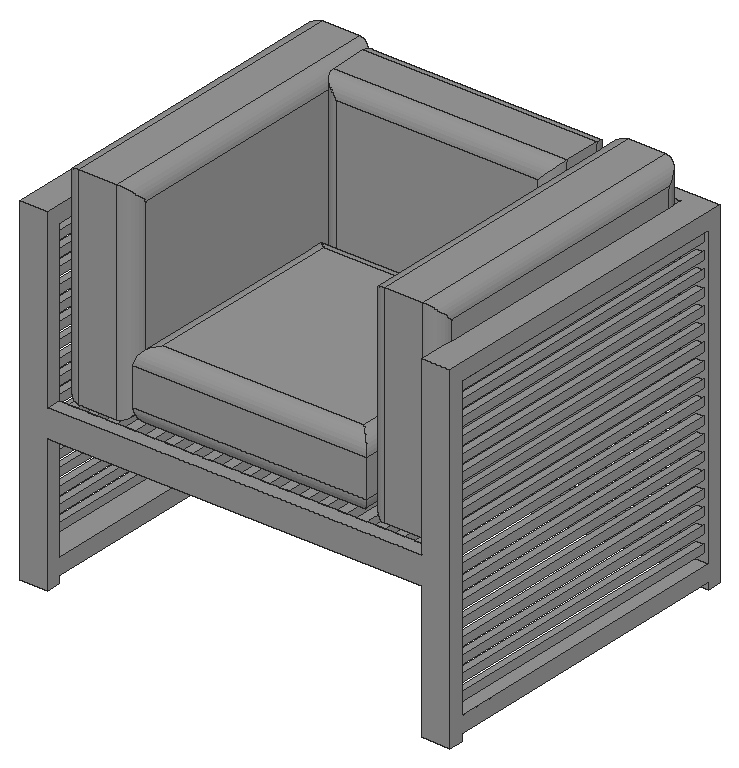
Revit family "17642 Кресло «Параллель» 2 Хоббика", category Антураж, Revit 2018
Family settings
  На основе рабочей плоскости = Нет
  Всегда вертикально = Да
  При загрузке вырезать с полостями = Нет
  Источник визуального образа = Геометрия семейства
  Общий = Нет
  Точка расчета площади = Нет
Parameters (values of type "Версия лиственница")
  Ширина = 720 mm  # constant formula
  Цвет подушек = Красный
  Цвет отделки = Ангарская сосна
  Цвет каркаса = Сталь
  Описание = if(Версия ангарская сосна, "Кресло «Параллель» 2. Версия ангарская сосна", "Кресло «Параллель» 2. Версия лиственница")  # "Кресло «Параллель» 2. Версия лиственница"
  Материал изделия = "Сталь, дерево"  # constant formula
  Изображение типоразмера = Кресло «Параллель» 2 Арт 17642.jpg
  Изготовитель = "ООО «Хоббика»"  # constant formula
  Длина = 920 mm  # constant formula
  Группа модели = "Мебель для дома и террас"  # constant formula
  Высота = 800 mm  # constant formula
  Версия лиственница = not(Версия ангарская сосна)  # yes
  Версия ангарская сосна = no
  Артикул товара = "Арт. 17642"  # constant formula
  URL = "https://hobbyka.ru/product/kreslo_parallel_2"
Types (3, lengths in mm): name | Описание | Версия лиственница | Версия ангарская сосна
  (no name) | "Кресло «Параллель» 2. Версия лиственница" | yes | no
  Версия ангарская сосна | "Кресло «Параллель» 2. Версия ангарская сосна" | no | yes
  Версия лиственница | "Кресло «Параллель» 2. Версия лиственница" | yes | no
Reference planes
  plane 1 "По центру (Вперед/Назад)": y = 0
  plane 2: z = 0
  plane 3 "По центру (Влево/Вправо)": x = 0
  plane 4: x = 920
  plane 5: y = 720
  plane 6: z = 800
Forms (mm)
  Extrusion 1, solid, material "Сталь" <- "Цвет каркаса"
    sketch origin (0, 0, 0) x (1, 0, 0) y (0, 1, 0)
      loop
        line (0, 720) -> (0, 690) -> (60, 690) -> (60, 720) -> (0, 720)
      loop
        line (0, 30) -> (0, 0) -> (60, 0) -> (60, 30) -> (0, 30)
      loop
        line (860, 720) -> (860, 690) -> (920, 690) -> (920, 720) -> (860, 720)
      loop
        line (860, 30) -> (860, 0) -> (920, 0) -> (920, 30) -> (860, 30)
    from 0 to 690
  Extrusion 2, solid, material "Сталь" <- "Цвет каркаса"
    sketch origin (0, 0, 0) x (1, 0, 0) y (0, 1, 0)
      loop
        line (0, 720) -> (0, 0) -> (60, 0) -> (60, 690) -> (860, 690) -> (860, 0) -> (920, 0) -> (920, 720) -> (0, 720)
    from 690 to 725
  Extrusion 3, solid, material "Сталь" <- "Цвет каркаса"
    sketch origin (0, 0, 0) x (1, 0, 0) y (0, 1, 0)
      loop
        line (0, 720) -> (0, 0) -> (60, 0) -> (60, 690) -> (860, 690) -> (860, 0) -> (920, 0) -> (920, 720) -> (0, 720)
    from 15 to 50
  Extrusion 4, solid, material "Сталь" <- "Цвет каркаса"
    sketch origin (0, 0, 0) x (0, 1, 0) y (0, 0, 1)
      loop
        line (30, 350) -> (0, 350) -> (0, 290) -> (30, 290) -> (30, 350)
    from 0 to 920
  Sweep 5, solid, material "Ангарская сосна" <- "Цвет отделки"
    path origin (0, 0, 0) x (1, 0, 0) y (0, 1, 0)
      loop
        line (10, 30) -> (10, 710) -> (910, 710) -> (910, 30)
    profile origin (10, 370, 0) x (-1, 0, 0) y (0, 0, 1)
      loop
        line (0, 67.5) -> (0, 85) -> (-15, 85) -> (-15, 67.5) -> (0, 67.5)
      loop
        line (0, 102.5) -> (0, 120) -> (-15, 120) -> (-15, 102.5) -> (0, 102.5)
      loop
        line (0, 137.5) -> (0, 155) -> (-15, 155) -> (-15, 137.5) -> (0, 137.5)
      loop
        line (0, 172.5) -> (0, 190) -> (-15, 190) -> (-15, 172.5) -> (0, 172.5)
      loop
        line (0, 207.5) -> (0, 225) -> (-15, 225) -> (-15, 207.5) -> (0, 207.5)
      loop
        line (0, 242.5) -> (0, 260) -> (-15, 260) -> (-15, 242.5) -> (0, 242.5)
      loop
        line (0, 277.5) -> (0, 295) -> (-15, 295) -> (-15, 277.5) -> (0, 277.5)
      loop
        line (0, 312.5) -> (0, 330) -> (-15, 330) -> (-15, 312.5) -> (0, 312.5)
      loop
        line (0, 347.5) -> (0, 365) -> (-15, 365) -> (-15, 347.5) -> (0, 347.5)
      loop
        line (0, 382.5) -> (0, 400) -> (-15, 400) -> (-15, 382.5) -> (0, 382.5)
      loop
        line (0, 417.5) -> (0, 435) -> (-15, 435) -> (-15, 417.5) -> (0, 417.5)
      loop
        line (0, 452.5) -> (0, 470) -> (-15, 470) -> (-15, 452.5) -> (0, 452.5)
      loop
        line (0, 487.5) -> (0, 505) -> (-15, 505) -> (-15, 487.5) -> (0, 487.5)
      loop
        line (0, 522.5) -> (0, 540) -> (-15, 540) -> (-15, 522.5) -> (0, 522.5)
      loop
        line (0, 557.5) -> (0, 575) -> (-15, 575) -> (-15, 557.5) -> (0, 557.5)
      loop
        line (0, 592.5) -> (0, 610) -> (-15, 610) -> (-15, 592.5) -> (0, 592.5)
      loop
        line (0, 627.5) -> (0, 645) -> (-15, 645) -> (-15, 627.5) -> (0, 627.5)
      loop
        line (0, 662.5) -> (0, 680) -> (-15, 680) -> (-15, 662.5) -> (0, 662.5)
  Extrusion 6, solid, material "Ангарская сосна" <- "Цвет отделки"
    sketch origin (0, 0, 0) x (1, 0, 0) y (0, 0, 1)
      loop
        line (80, 350) -> (80, 330) -> (100, 330) -> (100, 350) -> (80, 350)
    from -690 to -30
  Extrusion 7, solid, material "Ангарская сосна" <- "Цвет отделки"
    sketch origin (740, 0, 0) x (1, 0, 0) y (0, 0, 1)
      loop
        line (80, 350) -> (80, 330) -> (100, 330) -> (100, 350) -> (80, 350)
    from -690 to -30
  Extrusion 8, solid, material "Ангарская сосна" <- "Цвет отделки"
    sketch origin (41.111, 0, 0) x (1, 0, 0) y (0, 0, 1)
      loop
        line (80, 350) -> (80, 330) -> (100, 330) -> (100, 350) -> (80, 350)
    from -690 to -30
  Extrusion 9, solid, material "Ангарская сосна" <- "Цвет отделки"
    sketch origin (82.222, 0, 0) x (1, 0, 0) y (0, 0, 1)
      loop
        line (80, 350) -> (80, 330) -> (100, 330) -> (100, 350) -> (80, 350)
    from -690 to -30
  Extrusion 10, solid, material "Ангарская сосна" <- "Цвет отделки"
    sketch origin (123.333, 0, 0) x (1, 0, 0) y (0, 0, 1)
      loop
        line (80, 350) -> (80, 330) -> (100, 330) -> (100, 350) -> (80, 350)
    from -690 to -30
  Extrusion 11, solid, material "Ангарская сосна" <- "Цвет отделки"
    sketch origin (164.444, 0, 0) x (1, 0, 0) y (0, 0, 1)
      loop
        line (80, 350) -> (80, 330) -> (100, 330) -> (100, 350) -> (80, 350)
    from -690 to -30
  Extrusion 12, solid, material "Ангарская сосна" <- "Цвет отделки"
    sketch origin (205.556, 0, 0) x (1, 0, 0) y (0, 0, 1)
      loop
        line (80, 350) -> (80, 330) -> (100, 330) -> (100, 350) -> (80, 350)
    from -690 to -30
  Extrusion 13, solid, material "Ангарская сосна" <- "Цвет отделки"
    sketch origin (246.667, 0, 0) x (1, 0, 0) y (0, 0, 1)
      loop
        line (80, 350) -> (80, 330) -> (100, 330) -> (100, 350) -> (80, 350)
    from -690 to -30
  Extrusion 14, solid, material "Ангарская сосна" <- "Цвет отделки"
    sketch origin (287.778, 0, 0) x (1, 0, 0) y (0, 0, 1)
      loop
        line (80, 350) -> (80, 330) -> (100, 330) -> (100, 350) -> (80, 350)
    from -690 to -30
  Extrusion 15, solid, material "Ангарская сосна" <- "Цвет отделки"
    sketch origin (328.889, 0, 0) x (1, 0, 0) y (0, 0, 1)
      loop
        line (80, 350) -> (80, 330) -> (100, 330) -> (100, 350) -> (80, 350)
    from -690 to -30
  Extrusion 16, solid, material "Ангарская сосна" <- "Цвет отделки"
    sketch origin (370, 0, 0) x (1, 0, 0) y (0, 0, 1)
      loop
        line (80, 350) -> (80, 330) -> (100, 330) -> (100, 350) -> (80, 350)
    from -690 to -30
  Extrusion 17, solid, material "Ангарская сосна" <- "Цвет отделки"
    sketch origin (411.111, 0, 0) x (1, 0, 0) y (0, 0, 1)
      loop
        line (80, 350) -> (80, 330) -> (100, 330) -> (100, 350) -> (80, 350)
    from -690 to -30
  Extrusion 18, solid, material "Ангарская сосна" <- "Цвет отделки"
    sketch origin (452.222, 0, 0) x (1, 0, 0) y (0, 0, 1)
      loop
        line (80, 350) -> (80, 330) -> (100, 330) -> (100, 350) -> (80, 350)
    from -690 to -30
  Extrusion 19, solid, material "Ангарская сосна" <- "Цвет отделки"
    sketch origin (493.333, 0, 0) x (1, 0, 0) y (0, 0, 1)
      loop
        line (80, 350) -> (80, 330) -> (100, 330) -> (100, 350) -> (80, 350)
    from -690 to -30
  Extrusion 20, solid, material "Ангарская сосна" <- "Цвет отделки"
    sketch origin (534.444, 0, 0) x (1, 0, 0) y (0, 0, 1)
      loop
        line (80, 350) -> (80, 330) -> (100, 330) -> (100, 350) -> (80, 350)
    from -690 to -30
  Extrusion 21, solid, material "Ангарская сосна" <- "Цвет отделки"
    sketch origin (575.556, 0, 0) x (1, 0, 0) y (0, 0, 1)
      loop
        line (80, 350) -> (80, 330) -> (100, 330) -> (100, 350) -> (80, 350)
    from -690 to -30
  Extrusion 22, solid, material "Ангарская сосна" <- "Цвет отделки"
    sketch origin (616.667, 0, 0) x (1, 0, 0) y (0, 0, 1)
      loop
        line (80, 350) -> (80, 330) -> (100, 330) -> (100, 350) -> (80, 350)
    from -690 to -30
  Extrusion 23, solid, material "Ангарская сосна" <- "Цвет отделки"
    sketch origin (657.778, 0, 0) x (1, 0, 0) y (0, 0, 1)
      loop
        line (80, 350) -> (80, 330) -> (100, 330) -> (100, 350) -> (80, 350)
    from -690 to -30
  Extrusion 24, solid, material "Ангарская сосна" <- "Цвет отделки"
    sketch origin (698.889, 0, 0) x (1, 0, 0) y (0, 0, 1)
      loop
        line (80, 350) -> (80, 330) -> (100, 330) -> (100, 350) -> (80, 350)
    from -690 to -30
Cuts and joins
  joined: Extrusion 1, Extrusion 2, Extrusion 3, Extrusion 4
Dimensions and locks
  "Ширина": plane 5 to plane 1 "По центру (Вперед/Назад)"
  "Длина": plane 4 to plane 3 "По центру (Влево/Вправо)"
  "Высота": plane 6 to plane 2
  cut or joined group of Extrusion 1, Extrusion 2, Extrusion 3, Extrusion 4 to cut or joined group of Extrusion 1, Extrusion 2, Extrusion 3, Extrusion 4 = 640 mm
  equal spacing: group 1, group 3, group 4, group 5, group 6, group 7, group 8, group 9, group 10, group 11, group 12, group 13, group 14, group 15, group 16, group 17, group 18, group 19, group 2  (x3)
  aligned and locked: level to plane 2
Automatic sketch dimensions
  Extrusion 1 sketch curve to plane 3 "По центру (Влево/Вправо)" = 0 mm  (x2)
  plane 1 "По центру (Вперед/Назад)" to Extrusion 1 sketch curve = 0 mm  (x2)
  Extrusion 1 sketch curve to plane 5 = 0 mm  (x2)
  Extrusion 1 sketch curve to plane 4 = 0 mm  (x2)
  plane 3 "По центру (Влево/Вправо)" to Extrusion 1 sketch curve = 60 mm
  Extrusion 1 sketch curve to Extrusion 1 sketch curve = 60 mm
  Extrusion 1 sketch curve to plane 4 = 60 mm  (x2)
  Extrusion 1 sketch curve to plane 1 "По центру (Вперед/Назад)" = 30 mm  (x2)
  Extrusion 1 sketch curve to plane 5 = 30 mm  (x2)
  Extrusion 2 sketch curve to plane 3 "По центру (Влево/Вправо)" = 0 mm
  plane 1 "По центру (Вперед/Назад)" to Extrusion 2 sketch curve = 0 mm  (x2)
  Extrusion 2 sketch curve to plane 4 = 0 mm
  Extrusion 2 sketch curve to plane 5 = 0 mm
  plane 3 "По центру (Влево/Вправо)" to Extrusion 2 sketch curve = 60 mm
  Extrusion 2 sketch curve to plane 4 = 60 mm
  Extrusion 2 sketch curve to plane 5 = 30 mm
  Extrusion 3 sketch curve to plane 3 "По центру (Влево/Вправо)" = 0 mm
  plane 1 "По центру (Вперед/Назад)" to Extrusion 3 sketch curve = 0 mm  (x2)
  Extrusion 3 sketch curve to plane 4 = 0 mm
  Extrusion 3 sketch curve to plane 5 = 0 mm
  plane 3 "По центру (Влево/Вправо)" to Extrusion 3 sketch curve = 60 mm
  Extrusion 3 sketch curve to plane 4 = 60 mm
  Extrusion 3 sketch curve to plane 5 = 30 mm
  Extrusion 4 sketch curve to plane 1 "По центру (Вперед/Назад)" = 0 mm
  level to Extrusion 4 sketch curve = 290 mm
  Extrusion 4 sketch curve to Extrusion 4 sketch curve = 60 mm
  Extrusion 4 sketch curve to plane 1 "По центру (Вперед/Назад)" = 30 mm
  Sweep 5 sketch curve to profile plane = 0 mm  (x18)
  profile plane to Sweep 5 sketch curve = 15 mm  (x3)
  Sweep 5 sketch curve to Sweep 5 sketch curve = 0 mm  (x15)
  level to Sweep 5 sketch curve = 67.5 mm
  Sweep 5 sketch curve to Sweep 5 sketch curve = 17.5 mm  (x35)
  plane 3 "По центру (Влево/Вправо)" to Sweep 5 sketch curve = 10 mm
  Sweep 5 sketch curve to plane 4 = 10 mm
  Sweep 5 sketch curve to plane 5 = 10 mm
  Sweep 5 sketch curve to plane 1 "По центру (Вперед/Назад)" = 30 mm  (x2)
  Extrusion 6 sketch curve to Extrusion 6 sketch curve = 20 mm  (x2)
  Extrusion 7 sketch curve to Extrusion 7 sketch curve = 20 mm  (x2)
  Extrusion 8 sketch curve to Extrusion 8 sketch curve = 20 mm  (x2)
  Extrusion 9 sketch curve to Extrusion 9 sketch curve = 20 mm  (x2)
  Extrusion 10 sketch curve to Extrusion 10 sketch curve = 20 mm  (x2)
  Extrusion 11 sketch curve to Extrusion 11 sketch curve = 20 mm  (x2)
  Extrusion 12 sketch curve to Extrusion 12 sketch curve = 20 mm  (x2)
  Extrusion 13 sketch curve to Extrusion 13 sketch curve = 20 mm  (x2)
  Extrusion 14 sketch curve to Extrusion 14 sketch curve = 20 mm  (x2)
  Extrusion 15 sketch curve to Extrusion 15 sketch curve = 20 mm  (x2)
  Extrusion 16 sketch curve to Extrusion 16 sketch curve = 20 mm  (x2)
  Extrusion 17 sketch curve to Extrusion 17 sketch curve = 20 mm  (x2)
  Extrusion 18 sketch curve to Extrusion 18 sketch curve = 20 mm  (x2)
  Extrusion 19 sketch curve to Extrusion 19 sketch curve = 20 mm  (x2)
  Extrusion 20 sketch curve to Extrusion 20 sketch curve = 20 mm  (x2)
  Extrusion 21 sketch curve to Extrusion 21 sketch curve = 20 mm  (x2)
  Extrusion 22 sketch curve to Extrusion 22 sketch curve = 20 mm  (x2)
  Extrusion 23 sketch curve to Extrusion 23 sketch curve = 20 mm  (x2)
  Extrusion 24 sketch curve to Extrusion 24 sketch curve = 20 mm  (x2)
Nested families
  nested 1: "Подушка для дивана" at (60, 40, 350) x (0, 1, 0) z (1, 0, 0), type "Подлокотник"
    with Ширина 450 mm, Длина 650 mm, Высота 150 mm
  nested 2: "Подушка для дивана" at (860, 695, 350) x (0, -1, 0) z (-1, 0, 0), type "Подлокотник"
    with Ширина 450 mm, Длина 650 mm, Высота 150 mm
  nested 3: "Подушка для дивана" at (210, 690, 350) x (1, 0, 0) z (0, -1, 0), type "Спинка"
    with Ширина 450 mm, Длина 500 mm, Высота 150 mm
  nested 4: "Подушка для дивана" at (210, 40, 350), type "Сидушка"
    with Длина 500 mm, Высота 150 mm
Definition of nested family "Подушка для дивана"
  Parameters (values of type "Подушка для дивана")
    Ширина = 500 mm
    Цвет подушки = none
    Скругление = 35 mm
    Default Elevation = 1219.2 mm
    Длина = 900 mm
    Height = 130 mm
  Reference planes
    plane 1 "По центру (Вперед/Назад)": y = 0
    plane 2: z = 0
    plane 3 "По центру (Влево/Вправо)": x = 0
    plane 4: y = 500
    plane 5: x = 900
    plane 6: z = 130
  Forms (mm)
    Extrusion 1, solid, material <- "Цвет подушки"
      sketch origin (0, 0, 0) x (1, 0, 0) y (0, 1, 0)
        loop
          line (0, 500) -> (0, 0) -> (900, 0) -> (900, 500) -> (0, 500)
      from 0 to 130
    Sweep 2, void
      path origin (0, 0, 0) x (1, 0, 0) y (0, 1, 0)
        loop
          line (0, 500) -> (0, 0) -> (900, 0) -> (900, 500) -> (0, 500)
      profile origin (450, 500, 0) x (0, 1, 0) y (0, 0, 1)
        loop
          line (0, 0) -> (0, 35)
          arc (0, 35) -> (-10.251, 10.251) -> (-35, 0) r 35
          line (-35, 0) -> (0, 0)
        loop
          line (0, 130) -> (-35, 130)
          arc (-35, 130) -> (-10.251, 119.749) -> (0, 95) r 35
          line (0, 95) -> (0, 130)
  Cuts and joins
    Sweep 2 cuts Extrusion 1
  Dimensions and locks
    "Длина": plane 3 "По центру (Влево/Вправо)" to plane 5
    "Ширина": plane 4 to plane 1 "По центру (Вперед/Назад)"
    "Height": plane 6 to plane 2
    "Скругление": Extrusion 1 to Sweep 2 sketch curve
    "Скругление": profile plane to Sweep 2 sketch curve
    "Скругление": plane 4 to Sweep 2 sketch curve
    "Скругление": plane 6 to Sweep 2 sketch curve
    "Скругление": radius of Sweep 2 sketch curve  (x2)
    aligned and locked: level to plane 2
    aligned and locked: Extrusion 1 sketch curve to plane 4
    aligned and locked: plane 3 "По центру (Влево/Вправо)" to Extrusion 1 sketch curve
    aligned and locked: Extrusion 1 sketch curve to plane 1 "По центру (Вперед/Назад)"
    aligned and locked: Extrusion 1 sketch curve to plane 5
    aligned and locked: plane 6 to Extrusion 1
    aligned and locked: Sweep 2 sketch curve to Extrusion 1  (x4)
